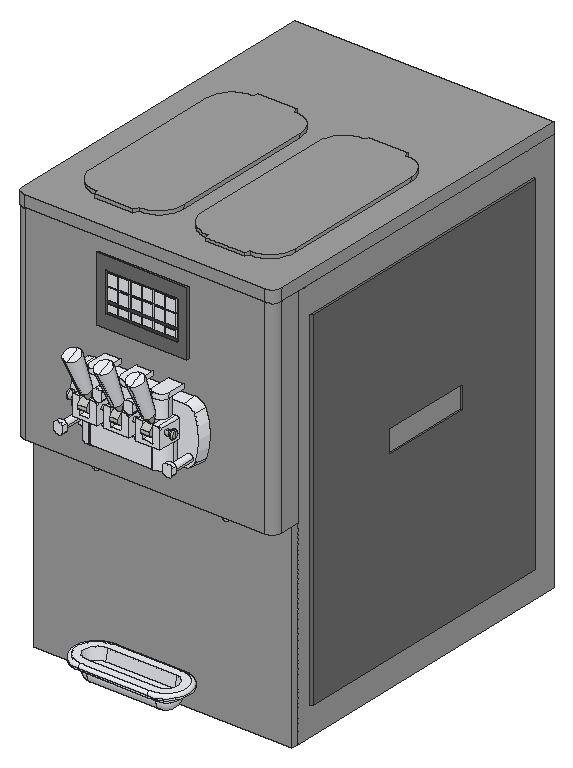
Revit family "QF_ELECTROLUXPROFESSIONAL_560074_POR214DGA3PHCM", category Specialty Equipment, Revit 2018
Family settings
  Round Connector Dimension = Use Diameter
  Part Type = Normal
  Work Plane-Based = No
  Always vertical = Yes
  Cut with Voids When Loaded = No
  Shared = No
  Room Calculation Point = No
Parameters
  Watts = 0 W
  HP = ""
  Direct Waste Size = 0 mm
Reference planes
  plane 1 "Center (Front/Back)": y = 0
  plane 2: z = 0
  plane 3 "Center (Left/Right)": x = 0
  plane 4 "BASE": z = 39
  plane 5 "TOP": z = 938
  plane 6 "FRONT": y = -417
  plane 7 "BACK": y = 483
  plane 8 "LEFT": x = -286
  plane 9 "RIGHT": x = 286
  plane 10 "PLANE": z = 125
  plane 11: z = 538
  plane 12: y = 324
  plane 13: y = -110
  plane 14: x = -173
  plane 15: x = 173
  plane 16: y = 462
  plane 17: y = 442
  plane 18 "Panel": y = -227
  plane 19 "CenterX": y = -330.377
  plane 20 "CenterYRight": x = 68
  plane 21 "DispenserX": z = 639.903
  plane 22 "HoleY": y = -352.094
  plane 23: y = -376
  plane 24: z = 744
  plane 25 "CenterYLeft": x = -68
Forms (mm)
  Extrusion 1, solid, material "QF_Finishes_Rubber Black"
    sketch origin (-26, 37, 0) x (1, 0, 0) y (0, 1, 0)
      loop
        circle (-147, 287) r 20
    from 30 to 0
  Extrusion 2, solid, material "QF_Finishes_Rubber Black"
    sketch origin (-26, 0, 0) x (1, 0, 0) y (0, 1, 0)
      loop
        circle (-147, -111) r 20
    from 30 to 0
  Extrusion 3, solid, material "QF_Finishes_Rubber Black"
    sketch origin (30.903, 37, 0) x (1, 0, 0) y (0, 1, 0)
      loop
        circle (142.097, 287) r 20
    from 30 to 0
  Extrusion 4, solid, material "QF_Finishes_Rubber Black"
    sketch origin (30.903, 0, 0) x (1, 0, 0) y (0, 1, 0)
      loop
        circle (142.097, -111) r 20
    from 30 to 0
  Extrusion 5, solid, material "QF_Finishes_Rubber Black"
    sketch origin (53.5, 0, 0) x (1, 0, 0) y (0, 1, 0)
      loop
        line (225.5, 410) -> (225.5, -198.201) -> (232.5, -191.201) -> (232.5, 403) -> (225.5, 410)
    from 94.387 to 848
  Extrusion 6, solid, material "QF_Finishes_Gray"
    sketch origin (0, 0, 0) x (1, 0, 0) y (0, 1, 0)
      loop
        line (-277.5, 462) -> (-277.5, -227) -> (279, -227) -> (279, 462) -> (-277.5, 462)
    from 906 to 30
  Extrusion 7, solid, material "QF_Finishes_Gray"
    sketch origin (120, 0, 0) x (1, 0, 0) y (0, 1, 0)
      loop
        line (-100, 152.026) -> (-100, -159.18)
        arc (-100, -159.18) -> (-83.917, -198.045) -> (-45.075, -214.18) r 55
        line (-45.075, -214.18) -> (-41.655, -223.577) -> (41.655, -223.577) -> (45.075, -214.18)
        arc (45.075, -214.18) -> (83.917, -198.045) -> (100, -159.18) r 55
        line (100, -159.18) -> (100, 152.026)
        arc (100, 152.026) -> (83.917, 190.89) -> (45.075, 207.026) r 55
        line (45.075, 207.026) -> (41.655, 216.423) -> (-41.655, 216.423) -> (-45.075, 207.026)
        arc (-45.075, 207.026) -> (-83.917, 190.89) -> (-100, 152.026) r 55
    from 938 to 931
  Extrusion 8, solid, material "QF_Finishes_Gray"
    sketch origin (0, 0, 0) x (1, 0, 0) y (0, 1, 0)
      loop
        line (-279, 462) -> (-279, -270.442)
        arc (-279, -270.442) -> (-273.142, -284.584) -> (-259, -290.442) r 20
        line (-259, -290.442) -> (259, -290.442)
        arc (259, -290.442) -> (273.142, -284.584) -> (279, -270.442) r 20
        line (279, -270.442) -> (279, 462) -> (-279, 462)
    from 931 to 906
  Extrusion 9, solid, material "QF_Finishes_Gray"
    sketch origin (0, 0, 0) x (1, 0, 0) y (0, 1, 0)
      loop
        arc (-277.5, -270.442) -> (-271.642, -284.584) -> (-257.5, -290.442) r 20
        line (-257.5, -290.442) -> (259, -290.442)
        arc (259, -290.442) -> (273.142, -284.584) -> (279, -270.442) r 20
        line (279, -270.442) -> (279, -227) -> (-277.5, -227) -> (-277.5, -270.442)
    from 458.874 to 906
  Extrusion 10, solid, material "QF_Finishes_Gray"
    sketch origin (0, 0, 0) x (1, 0, 0) y (0, 1, 0)
      loop
        line (-277.5, -227) -> (-277.5, -242) -> (279, -242) -> (279, -227) -> (-277.5, -227)
    from 30 to 458.874
  Extrusion 11, solid, material "QF_Finishes_Rubber Black"
    sketch origin (0, -417, 137) x (-1, 0, 0) y (0, 0, 1)
      loop
        line (-95, 742) -> (-95, 602) -> (100, 602) -> (100, 742) -> (-95, 742)
      loop
        line (80, 715) -> (-75, 715) -> (-75, 629) -> (80, 629) -> (80, 715)
    from 131.011 to 121
  Extrusion 12, solid, material "QF_Plastic-Black-Matte"
    sketch origin (0, -417, 137) x (-1, 0, 0) y (0, 0, 1)
      loop
        line (80, 715) -> (-75, 715) -> (-75, 629) -> (80, 629) -> (80, 715)
    from 131.011 to 123
  Blend 13, solid, material "QF_Finishes_White"
    base sketch origin (0, -417, 136.997) x (-1, 0, 0) y (0, 0, 1)
      loop
        arc (-108.068, 534.877) -> (-121.761, 530.793) -> (-130.981, 519.877) r 25
        arc (-130.981, 519.877) -> (-141.26, 470.627) -> (-130.981, 421.378) r 123.124
        arc (-130.981, 421.378) -> (-121.761, 410.462) -> (-108.068, 406.378) r 25
        line (-108.068, 406.378) -> (108.068, 406.378)
        arc (108.068, 406.378) -> (121.761, 410.462) -> (130.981, 421.378) r 25
        arc (130.981, 421.378) -> (141.26, 470.627) -> (130.981, 519.877) r 123.124
        arc (130.981, 519.877) -> (121.761, 530.793) -> (108.068, 534.877) r 25
        line (108.068, 534.877) -> (-108.068, 534.877)
    top sketch origin (0, -417, 136.997) x (-1, 0, 0) y (0, 0, 1)
      loop
        arc (-128.231, 518.677) -> (-138.26, 470.627) -> (-128.231, 422.578) r 120.124
        arc (-128.231, 422.578) -> (-120.118, 412.972) -> (-108.068, 409.378) r 22
        line (-108.068, 409.378) -> (108.068, 409.378)
        arc (108.068, 409.378) -> (120.118, 412.972) -> (128.231, 422.578) r 22
        arc (128.231, 422.578) -> (138.26, 470.627) -> (128.231, 518.677) r 120.124
        arc (128.231, 518.677) -> (120.118, 528.283) -> (108.068, 531.877) r 22
        line (108.068, 531.877) -> (-108.068, 531.877)
        arc (-108.068, 531.877) -> (-120.118, 528.283) -> (-128.231, 518.677) r 22
    from 126.558 to 100
  Sweep 14, solid, material "QF_Finishes_White"
    path origin (-49.912, 1.098, 0) x (1, 0, 0) y (0, 1, 0)
      loop
        arc (124.288, -377.098) -> (174.152, -327.234) -> (124.288, -277.37) r 49.864
        line (124.288, -277.37) -> (-24.465, -277.37)
        arc (-24.465, -277.37) -> (-74.329, -327.234) -> (-24.465, -377.098) r 49.864
        line (-24.465, -377.098) -> (124.288, -377.098)
    profile origin (0, -376, 0) x (0, -1, 0) y (0, 0, 1)
      loop
        arc (-44.804, 75.948) -> (-28.996, 82.496) -> (-22.447, 98.305) r 22.357
        line (-22.447, 98.305) -> (-20.953, 115.387) -> (0, 115.387) -> (0, 118.387)
        arc (0, 118.387) -> (-1.937, 123.063) -> (-6.613, 125) r 6.613
        line (-6.613, 125) -> (-23.219, 125) -> (-25.397, 100.095) -> (-44.804, 100.095) -> (-44.804, 75.948)
  Revolve 15, solid, material "QF_Finishes_White"
    sketch origin (19.411, -330.377, 136.997) x (-1, 0, 0) y (0, 0, 1)
      loop
        line (-22, 458.985) -> (-45.961, 458.985) -> (-45.961, 502.906) -> (-32, 502.906) -> (-32, 540.7) -> (-48.589, 540.7) -> (-48.589, 399)
        arc (-48.589, 399) -> (-35.782, 401.599) -> (-25, 408.985) r 32.856
        line (-25, 408.985) -> (-22, 408.985) -> (-22, 458.985)
      axis (-48.589, 399) -> (-48.589, 540.7)
    angle from 0 to 360
  Extrusion 16, solid, material "QF_Finishes_White"
    sketch origin (19.411, -417, 136.997) x (-1, 0, 0) y (0, 0, 1)
      loop
        line (-75.178, 458.985) -> (-22, 458.985) -> (-22, 497.906)
        arc (-22, 497.906) -> (-23.465, 501.442) -> (-27, 502.906) r 5
        line (-27, 502.906) -> (-37.291, 502.906) -> (-37.291, 466.693) -> (-59.888, 466.693) -> (-59.888, 502.906) -> (-70.178, 502.906)
        arc (-70.178, 502.906) -> (-73.714, 501.442) -> (-75.178, 497.906) r 5
        line (-75.178, 497.906) -> (-75.178, 458.985)
      loop
        line (-7.178, 458.985) -> (46, 458.985) -> (46, 497.906)
        arc (46, 497.906) -> (44.535, 501.442) -> (41, 502.906) r 5
        line (41, 502.906) -> (30.709, 502.906) -> (30.709, 466.693) -> (8.112, 466.693) -> (8.112, 502.906) -> (-2.178, 502.906)
        arc (-2.178, 502.906) -> (-5.714, 501.442) -> (-7.178, 497.906) r 5
        line (-7.178, 497.906) -> (-7.178, 458.985)
      loop
        line (60.822, 458.985) -> (114, 458.985) -> (114, 497.906)
        arc (114, 497.906) -> (112.535, 501.442) -> (109, 502.906) r 5
        line (109, 502.906) -> (98.709, 502.906) -> (98.709, 466.693) -> (76.112, 466.693) -> (76.112, 502.906) -> (65.822, 502.906)
        arc (65.822, 502.906) -> (62.286, 501.442) -> (60.822, 497.906) r 5
        line (60.822, 497.906) -> (60.822, 458.985)
    from 50 to 100
  Extrusion 17, solid, material "QF_Finishes_Stainless Steel"
    sketch origin (68, 0, 136.997) x (0, -1, 0) y (0, 0, 1)
      loop
        line (373.914, 482.086) -> (373.914, 490.013)
        arc (373.914, 490.013) -> (366.814, 497.612) -> (357.048, 501.185) r 22.391
        line (357.048, 501.185) -> (325.071, 496.12)
        arc (325.071, 496.12) -> (320.535, 488.808) -> (325.071, 481.495) r 8.163
        line (325.071, 481.495) -> (357.048, 476.43) -> (361.14, 476.43)
        arc (361.14, 476.43) -> (368.005, 478.177) -> (373.914, 482.086) r 21.226
    from -9 to 9
  Revolve 18, solid, material "QF_Finishes_Stainless Steel"
    sketch origin (68, -62.317, 96.738) x (0, -0.992546, 0.121869) y (0, 0.121869, 0.992546)
      loop
        line (359.559, 501.454) -> (369.701, 518.772) -> (359.942, 525.028) -> (355.825, 503.848) -> (359.559, 501.454)
      axis (359.559, 501.454) -> (369.937, 519.174)
    angle from 0 to 360
  Revolve 19, solid, material "QF_Finishes_White"
    sketch origin (68, -61.765, 96.738) x (0, -0.992546, 0.121869) y (0, 0.121869, 0.992546)
      loop
        line (360.214, 525.122) -> (370.502, 518.527) -> (414.51, 593.671) -> (399.928, 603.018) -> (360.214, 525.122)
      axis (370.502, 518.527) -> (414.862, 594.271)
    angle from 0 to 360
  Extrusion 20, solid, material "QF_Finishes_White"
    sketch origin (3, -417, 115.997) x (-1, 0, 0) y (0, 0, 1)
      loop
        circle (-114.635, 451.539) r 7.506
    from 50 to 100
  Extrusion 21, solid, material "QF_Finishes_White"
    sketch origin (3, -417, 116.997) x (-1, 0, 0) y (0, 0, 1)
      loop
        arc (-104.635, 459.044) -> (-114.635, 464.044) -> (-124.635, 459.044) r 12.5
        line (-124.635, 459.044) -> (-124.635, 444.044)
        arc (-124.635, 444.044) -> (-114.635, 439.044) -> (-104.635, 444.044) r 12.5
        line (-104.635, 444.044) -> (-104.635, 459.044)
    from 41 to 50
  Extrusion 22, solid, material "QF_Finishes_White"
    sketch origin (81.157, -417, 210.997) x (1, 0, 0) y (0, 0, -1)
      loop
        circle (-114.635, -451.539) r 7.506
    from 50 to 100
  Extrusion 23, solid, material "QF_Finishes_White"
    sketch origin (81.157, -417, 209.702) x (1, 0, 0) y (0, 0, -1)
      loop
        line (-104.635, -459.044) -> (-104.635, -444.044)
        arc (-104.635, -444.044) -> (-114.635, -439.044) -> (-124.635, -444.044) r 12.5
        line (-124.635, -444.044) -> (-124.635, -459.044)
        arc (-124.635, -459.044) -> (-114.635, -464.044) -> (-104.635, -459.044) r 12.5
    from 41 to 50
  Extrusion 24, solid, material "QF_Finishes_White"
    sketch origin (19.411, 0.327, 639.903) x (-1, 0, 0) y (0, -1, 0)
      loop
        arc (-32, 330.71) -> (-48.589, 347.299) -> (-65.178, 330.71) r 16.589
        line (-65.178, 330.71) -> (-65.178, 290.768) -> (-32, 290.768) -> (-32, 330.71)
    from 37.793 to 47.43
  Extrusion 25, solid, material "QF_Finishes_White"
    sketch origin (0, 1.098, 125) x (0, 1, 0) y (-1, 0, 0)
      loop
        line (-332.294, 74.376) -> (-332.294, -74.376)
        arc (-332.294, -74.376) -> (-327.234, -79.436) -> (-322.174, -74.376) r 5.06
        line (-322.174, -74.376) -> (-322.174, 74.376)
        arc (-322.174, 74.376) -> (-327.234, 79.436) -> (-332.294, 74.376) r 5.06
    from -48.53 to -24.905
  Extrusion 26, solid, material "QF_Finishes_Stainless Steel"
    sketch origin (0, 0, 0) x (0, 1, 0) y (0, 0, 1)
      loop
        line (-277.271, 115.387) -> (-280.273, 115.387) -> (-280.273, 94.387) -> (-245, 94.387) -> (-245, 62.387) -> (-242, 62.387) -> (-242, 97.387) -> (-277.271, 97.387) -> (-277.271, 115.387)
    from -56 to 56
  Extrusion 27, void
    sketch origin (68, 7, 136.997) x (0, -1, 0) y (0, 0, 1)
      loop
        circle (359.094, 488.808) r 5
    from -31.589 to 167.589
  Revolve 28, solid, material "QF_Finishes_Stainless Steel"
    sketch origin (0, -352.094, 136.997) x (0, 0, 1) y (1, 0, 0)
      loop
        line (488.808, 114.444) -> (488.808, -114.444) -> (495.124, -114.444) -> (497.46, -112.107) -> (497.46, -109.278) -> (493.808, -104.062) -> (493.808, 104.062) -> (497.46, 109.278) -> (497.46, 112.107) -> (495.124, 114.444) -> (488.808, 114.444)
      axis (488.808, -114.444) -> (488.808, 114.444)
    angle from 0 to 360
  Extrusion 29, solid, material "QF_Finishes_Stainless Steel"
    sketch origin (0, -227, 80.681) x (1, 0, 0) y (0, 0, 1)
      loop
        circle (-142.42, 350.164) r 10
      loop
        circle (137.549, 350.164) r 10
    from 15 to 17.498
  Extrusion 30, solid, material "QF_Finishes_Stainless Steel"
    sketch origin (-311.5, 0, 39) x (-1, 0, 0) y (0, -1, 0)
      loop
        circle (-170.5, -192) r 20
    from 0 to -11.079
  Extrusion 31, solid, material "QF_Finishes_White"
    sketch origin (0, -417, 137) x (-1, 0, 0) y (0, 0, 1)
      loop
        line (-72, 686) -> (-50, 686) -> (-50, 711) -> (-72, 711) -> (-72, 686)
      loop
        line (-48, 686) -> (-26, 686) -> (-26, 711) -> (-48, 711) -> (-48, 686)
      loop
        line (-21.5, 686) -> (0.5, 686) -> (0.5, 711) -> (-21.5, 711) -> (-21.5, 686)
      loop
        line (2.5, 686) -> (24.5, 686) -> (24.5, 711) -> (2.5, 711) -> (2.5, 686)
      loop
        line (29, 686) -> (51, 686) -> (51, 711) -> (29, 711) -> (29, 686)
      loop
        line (53, 686) -> (75, 686) -> (75, 711) -> (53, 711) -> (53, 686)
      loop
        line (-72, 658) -> (-50, 658) -> (-50, 683) -> (-72, 683) -> (-72, 658)
      loop
        line (-48, 658) -> (-26, 658) -> (-26, 683) -> (-48, 683) -> (-48, 658)
      loop
        line (-21.5, 658) -> (0.5, 658) -> (0.5, 683) -> (-21.5, 683) -> (-21.5, 658)
      loop
        line (2.5, 658) -> (24.5, 658) -> (24.5, 683) -> (2.5, 683) -> (2.5, 658)
      loop
        line (29, 658) -> (51, 658) -> (51, 683) -> (29, 683) -> (29, 658)
      loop
        line (53, 658) -> (75, 658) -> (75, 683) -> (53, 683) -> (53, 658)
      loop
        line (-72, 636) -> (-50, 636) -> (-50, 651) -> (-72, 651) -> (-72, 636)
      loop
        line (-48, 636) -> (-26, 636) -> (-26, 651) -> (-48, 651) -> (-48, 636)
      loop
        line (-21.5, 636) -> (0.5, 636) -> (0.5, 651) -> (-21.5, 651) -> (-21.5, 636)
      loop
        line (2.5, 636) -> (24.5, 636) -> (24.5, 651) -> (2.5, 651) -> (2.5, 636)
      loop
        line (29, 636) -> (51, 636) -> (51, 651) -> (29, 651) -> (29, 636)
      loop
        line (53, 636) -> (75, 636) -> (75, 651) -> (53, 651) -> (53, 636)
    from 123 to 121
  Extrusion 32, solid, material "QF_Finishes_Stainless Steel"
    sketch origin (-68, 0, 0) x (0, -1, 0) y (0, 0, 1)
      loop
        line (373.914, 619.083) -> (373.914, 627.01)
        arc (373.914, 627.01) -> (366.814, 634.609) -> (357.048, 638.181) r 22.391
        line (357.048, 638.181) -> (325.071, 633.117)
        arc (325.071, 633.117) -> (320.535, 625.804) -> (325.071, 618.492) r 8.163
        line (325.071, 618.492) -> (357.048, 613.427) -> (361.14, 613.427)
        arc (361.14, 613.427) -> (368.005, 615.174) -> (373.914, 619.083) r 21.226
    from -9 to 9
  Extrusion 33, solid, material "QF_Finishes_Stainless Steel"
    sketch origin (0, 0, 0) x (0, 1, 0) y (0, 0, 1)
      loop
        arc (-373.914, 619.083) -> (-368.005, 615.174) -> (-361.14, 613.427) r 21.226
        line (-361.14, 613.427) -> (-357.048, 613.427) -> (-325.071, 618.492)
        arc (-325.071, 618.492) -> (-320.535, 625.804) -> (-325.071, 633.117) r 8.163
        line (-325.071, 633.117) -> (-357.048, 638.181)
        arc (-357.048, 638.181) -> (-366.814, 634.609) -> (-373.914, 627.01) r 22.391
        line (-373.914, 627.01) -> (-373.914, 619.083)
    from -9 to 9
  Extrusion 34, solid, material "QF_Finishes_White"
    sketch origin (-3, -417, 115.997) x (1, 0, 0) y (0, 0, -1)
      loop
        circle (-114.635, -451.539) r 7.506
    from 50 to 100
  Extrusion 35, solid, material "QF_Finishes_White"
    sketch origin (-3, -417, 116.997) x (1, 0, 0) y (0, 0, -1)
      loop
        line (-104.635, -459.044) -> (-104.635, -444.044)
        arc (-104.635, -444.044) -> (-114.635, -439.044) -> (-124.635, -444.044) r 12.5
        line (-124.635, -444.044) -> (-124.635, -459.044)
        arc (-124.635, -459.044) -> (-114.635, -464.044) -> (-104.635, -459.044) r 12.5
    from 41 to 50
  Extrusion 36, solid, material "QF_Finishes_White"
    sketch origin (-81.157, -417, 210.997) x (-1, 0, 0) y (0, 0, 1)
      loop
        circle (-114.635, 451.539) r 7.506
    from 50 to 100
  Extrusion 37, solid, material "QF_Finishes_White"
    sketch origin (-81.157, -417, 209.702) x (-1, 0, 0) y (0, 0, 1)
      loop
        arc (-104.635, 459.044) -> (-114.635, 464.044) -> (-124.635, 459.044) r 12.5
        line (-124.635, 459.044) -> (-124.635, 444.044)
        arc (-124.635, 444.044) -> (-114.635, 439.044) -> (-104.635, 444.044) r 12.5
        line (-104.635, 444.044) -> (-104.635, 459.044)
    from 41 to 50
  Revolve 38, solid, material "QF_Finishes_White"
    sketch origin (-48.589, -330.377, 136.997) x (-1, 0, 0) y (0, 0, 1)
      loop
        line (-22, 458.985) -> (-45.961, 458.985) -> (-45.961, 502.906) -> (-32, 502.906) -> (-32, 540.7) -> (-48.589, 540.7) -> (-48.589, 399)
        arc (-48.589, 399) -> (-35.782, 401.599) -> (-25, 408.985) r 32.856
        line (-25, 408.985) -> (-22, 408.985) -> (-22, 458.985)
      axis (-48.589, 399) -> (-48.589, 540.7)
    angle from 0 to 360
  Revolve 39, solid, material "QF_Finishes_White"
    sketch origin (-116.589, -330.377, 136.997) x (-1, 0, 0) y (0, 0, 1)
      loop
        line (-22, 458.985) -> (-45.961, 458.985) -> (-45.961, 502.906) -> (-32, 502.906) -> (-32, 540.7) -> (-48.589, 540.7) -> (-48.589, 399)
        arc (-48.589, 399) -> (-35.782, 401.599) -> (-25, 408.985) r 32.856
        line (-25, 408.985) -> (-22, 408.985) -> (-22, 458.985)
      axis (-48.589, 399) -> (-48.589, 540.7)
    angle from 0 to 360
  Extrusion 40, solid, material "QF_Finishes_White"
    sketch origin (-48.589, 0.327, 639.903) x (-1, 0, 0) y (0, -1, 0)
      loop
        arc (-32, 330.71) -> (-48.589, 347.299) -> (-65.178, 330.71) r 16.589
        line (-65.178, 330.71) -> (-65.178, 290.768) -> (-32, 290.768) -> (-32, 330.71)
    from 37.793 to 47.43
  Extrusion 41, solid, material "QF_Finishes_White"
    sketch origin (-116.589, 0.327, 639.903) x (-1, 0, 0) y (0, -1, 0)
      loop
        arc (-32, 330.71) -> (-48.589, 347.299) -> (-65.178, 330.71) r 16.589
        line (-65.178, 330.71) -> (-65.178, 290.768) -> (-32, 290.768) -> (-32, 330.71)
    from 37.793 to 47.43
  Extrusion 42, solid, material "QF_Finishes_Rubber Black"
    sketch origin (-53.5, 0, 0) x (-1, 0, 0) y (0, -1, 0)
      loop
        line (225.5, -410) -> (232.5, -403) -> (232.5, 191.201) -> (225.5, 198.201) -> (225.5, -410)
    from 94.387 to 848
  Extrusion 43, solid, material "QF_Finishes_Gray"
    sketch origin (-120, 0, 0) x (-1, 0, 0) y (0, -1, 0)
      loop
        arc (-100, -152.026) -> (-83.917, -190.89) -> (-45.075, -207.026) r 55
        line (-45.075, -207.026) -> (-41.655, -216.423) -> (41.655, -216.423) -> (45.075, -207.026)
        arc (45.075, -207.026) -> (83.917, -190.89) -> (100, -152.026) r 55
        line (100, -152.026) -> (100, 159.18)
        arc (100, 159.18) -> (83.917, 198.045) -> (45.075, 214.18) r 55
        line (45.075, 214.18) -> (41.655, 223.577) -> (-41.655, 223.577) -> (-45.075, 214.18)
        arc (-45.075, 214.18) -> (-83.917, 198.045) -> (-100, 159.18) r 55
        line (-100, 159.18) -> (-100, -152.026)
    from 938 to 931
  Extrusion 44, solid, material "QF_Finishes_Rubber Black"
    sketch origin (0, 483, 0) x (-1, 0, 0) y (0, 0, 1)
      loop
        circle (0, 276.604) r 190
      loop
        circle (0, 276.604) r 40
      loop
        circle (0, 276.604) r 20
      loop
        circle (0, 276.604) r 15
    from -21 to 0
  Extrusion 45, void
    sketch origin (286, 0, 0) x (0, -1, 0) y (0, 0, 1)
      loop
        line (-10, 538) -> (-210, 538) -> (-210, 488) -> (-10, 488) -> (-10, 538)
    from 7 to -7.72
  Extrusion 46, solid, material "QF_Finishes_White"
    sketch origin (0, -330.377, 0) x (-1, 0, 0) y (0, 0, 1)
      loop
        line (68, 595.982) -> (41.411, 595.982)
        arc (41.411, 595.982) -> (34, 592.136) -> (26.589, 595.982) r 9.063
        line (26.589, 595.982) -> (-26.589, 595.982)
        arc (-26.589, 595.982) -> (-34, 592.136) -> (-41.411, 595.982) r 9.063
        line (-41.411, 595.982) -> (-68, 595.982) -> (-68, 545.982) -> (68, 545.982) -> (68, 595.982)
    from -26.5 to 0
  Revolve 47, solid, material "QF_Finishes_Stainless Steel"
    sketch origin (0, -62.317, 96.738) x (0, -0.992546, 0.121869) y (0, 0.121869, 0.992546)
      loop
        line (359.559, 501.454) -> (369.701, 518.772) -> (359.942, 525.028) -> (355.825, 503.848) -> (359.559, 501.454)
      axis (359.559, 501.454) -> (369.937, 519.174)
    angle from 0 to 360
  Revolve 48, solid, material "QF_Finishes_White"
    sketch origin (0, -61.765, 96.738) x (0, -0.992546, 0.121869) y (0, 0.121869, 0.992546)
      loop
        line (360.214, 525.122) -> (370.502, 518.527) -> (414.51, 593.671) -> (399.928, 603.018) -> (360.214, 525.122)
      axis (370.502, 518.527) -> (414.862, 594.271)
    angle from 0 to 360
  Revolve 49, solid, material "QF_Finishes_Stainless Steel"
    sketch origin (-68, -62.317, 96.738) x (0, -0.992546, 0.121869) y (0, 0.121869, 0.992546)
      loop
        line (359.559, 501.454) -> (369.701, 518.772) -> (359.942, 525.028) -> (355.825, 503.848) -> (359.559, 501.454)
      axis (359.559, 501.454) -> (369.937, 519.174)
    angle from 0 to 360
  Revolve 50, solid, material "QF_Finishes_White"
    sketch origin (-68, -61.765, 96.738) x (0, -0.992546, 0.121869) y (0, 0.121869, 0.992546)
      loop
        line (360.214, 525.122) -> (370.502, 518.527) -> (414.51, 593.671) -> (399.928, 603.018) -> (360.214, 525.122)
      axis (370.502, 518.527) -> (414.862, 594.271)
    angle from 0 to 360
Cuts and joins
  Extrusion 27 cuts Extrusion 16
  Extrusion 27 cuts Extrusion 17
  Extrusion 27 cuts Extrusion 22
  joined: Sweep 14, Extrusion 25
  Extrusion 45 cuts Extrusion 5
  Extrusion 45 cuts Extrusion 6
Lines and regions (mm)
  symbolic lines
    curve 1: line (190, 483, 39) -> (-190, 483, 39)
    curve 2: line (279, 462, 39) -> (-279, 462, 39)
    curve 3: line (-279, 462, 39) -> (-279, -270.442, 39)
    curve 4: line (-279, 410, 39) -> (-286, 403, 39)
    curve 5: line (-286, 403, 39) -> (-286, -191.201, 39)
    curve 6: line (279, -270.442, 39) -> (279, 462, 39)
    curve 7: line (286, 403, 39) -> (279, 410, 39)
    curve 8: line (286, -191.201, 39) -> (286, 403, 39)
    curve 9: line (279, -198.201, 39) -> (286, -191.201, 39)
    curve 10: line (-286, -191.201, 39) -> (-279, -198.201, 39)
    curve 11: arc (-279, -270.442, 39) -> (-273.142, -284.584, 39) -> (-259, -290.442, 39) r 20
    curve 12: line (-259, -290.442, 39) -> (259, -290.442, 39)
    curve 13: arc (259, -290.442, 39) -> (273.142, -284.584, 39) -> (279, -270.442, 39) r 20
    curve 14: arc (-220, -159.18, 39) -> (-203.917, -198.045, 39) -> (-165.075, -214.18, 39) r 55
    curve 15: line (-165.075, -214.18, 39) -> (-161.655, -223.577, 39)
    curve 16: line (-161.655, -223.577, 39) -> (-78.345, -223.577, 39)
    curve 17: line (-78.345, -223.577, 39) -> (-74.925, -214.18, 39)
    curve 18: arc (-74.925, -214.18, 39) -> (-36.083, -198.045, 39) -> (-20, -159.18, 39) r 55
    curve 19: line (-20, -159.18, 39) -> (-20, 152.026, 39)
    curve 20: line (-220, 152.026, 39) -> (-220, -159.18, 39)
    curve 21: arc (20, -159.18, 39) -> (36.083, -198.045, 39) -> (74.925, -214.18, 39) r 55
    curve 22: line (20, 152.026, 39) -> (20, -159.18, 39)
    curve 23: line (74.925, -214.18, 39) -> (78.345, -223.577, 39)
    curve 24: line (78.345, -223.577, 39) -> (161.655, -223.577, 39)
    curve 25: line (161.655, -223.577, 39) -> (165.075, -214.18, 39)
    curve 26: arc (165.075, -214.18, 39) -> (203.917, -198.045, 39) -> (220, -159.18, 39) r 55
    curve 27: line (220, -159.18, 39) -> (220, 152.026, 39)
    curve 28: arc (-165, 207.026, 39) -> (-203.891, 190.917, 39) -> (-220, 152.026, 39) r 55
    curve 29: line (-78.345, 216.423, 39) -> (-161.655, 216.423, 39)
    curve 30: line (-74.925, 207.026, 39) -> (-78.345, 216.423, 39)
    curve 31: arc (-20, 152.026, 39) -> (-36.083, 190.89, 39) -> (-74.925, 207.026, 39) r 55
    curve 32: arc (74.925, 207.026, 39) -> (36.083, 190.89, 39) -> (20, 152.026, 39) r 55
    curve 33: line (161.655, 216.423, 39) -> (78.345, 216.423, 39)
    curve 34: line (78.345, 216.423, 39) -> (74.925, 207.026, 39)
    curve 35: line (165.075, 207.026, 39) -> (161.655, 216.423, 39)
    curve 36: arc (220, 152.026, 39) -> (203.917, 190.89, 39) -> (165.075, 207.026, 39) r 55
    curve 37: line (-100, -296, 39) -> (95, -296, 39)
    curve 38: arc (51.411, -330.384, 39) -> (68, -346.973, 39) -> (84.589, -330.384, 39) r 16.589
    curve 39: spline (68, -385.223, 39) -> (72.479, -385.764, 39) -> (76.653, -387.351, 39) -> (80.238, -389.876, 39) -> (82.988, -393.167, 39) -> (84.717, -396.999, 39) -> (85.307, -401.111, 39) -> (84.717, -405.224, 39) -> (82.988, -409.056, 39) -> (80.238, -412.346, 39) -> (76.653, -414.871, 39) -> (72.479, -416.459, 39) -> (68, -417, 39)
    curve 40: spline (68, -417, 39) -> (63.521, -416.459, 39) -> (59.347, -414.871, 39) -> (55.762, -412.346, 39) -> (53.012, -409.056, 39) -> (51.283, -405.224, 39) -> (50.693, -401.111, 39) -> (51.283, -396.999, 39) -> (53.012, -393.167, 39) -> (55.762, -389.876, 39) -> (59.347, -387.351, 39) -> (63.521, -385.764, 39) -> (68, -385.223, 39)
    curve 41: spline (79.943, -364.177, 39) -> (79.066, -361.77, 39) -> (77.622, -359.606, 39) -> (75.684, -357.796, 39) -> (73.353, -356.433, 39) -> (70.747, -355.585, 39) -> (68, -355.298, 39) -> (65.253, -355.585, 39) -> (62.647, -356.433, 39) -> (60.316, -357.796, 39) -> (58.378, -359.606, 39) -> (56.934, -361.77, 39) -> (56.057, -364.177, 39)
    curve 42: spline (70.861, -355.047, 39) -> (70.446, -354.762, 39) -> (69.999, -354.523, 39) -> (69.523, -354.334, 39) -> (69.027, -354.196, 39) -> (68.517, -354.113, 39) -> (68, -354.086, 39) -> (67.483, -354.113, 39) -> (66.973, -354.196, 39) -> (66.477, -354.334, 39) -> (66.001, -354.523, 39) -> (65.554, -354.762, 39) -> (65.139, -355.047, 39)
    curve 43: arc (97.074, -317, 39) -> (98.701, -328.772, 39) -> (94.589, -339.923, 39) r 24.467
    curve 44: arc (94.589, -343.498, 39) -> (100.592, -330.903, 39) -> (99.407, -317, 39) r 26.646
    curve 45: line (127.635, -367, 39) -> (107.635, -367, 39)
    curve 46: line (127.635, -376, 39) -> (127.635, -367, 39)
    curve 47: line (107.635, -367, 39) -> (107.635, -376, 39)
    curve 48: line (107.635, -376, 39) -> (127.635, -376, 39)
    curve 49: line (56.057, -364.177, 39) -> (50.877, -398.792, 39)
    curve 50: line (79.943, -364.177, 39) -> (85.123, -398.792, 39)
    curve 51: line (56.701, -342.53, 39) -> (56.701, -362.258, 39)
    curve 52: line (59, -344.319, 39) -> (59, -358.932, 39)
    curve 53: line (79.299, -342.53, 39) -> (79.299, -362.258, 39)
    curve 54: line (77, -344.319, 39) -> (77, -358.932, 39)
    curve 55: line (125.141, -367, 39) -> (125.141, -317, 39)
    curve 56: line (94.589, -347.094, 39) -> (104.062, -347.094, 39)
    curve 57: line (94.589, -357.094, 39) -> (104.062, -357.094, 39)
    curve 58: line (104.062, -357.094, 39) -> (109.267, -360.739, 39)
    curve 59: line (109.267, -360.739, 39) -> (112.102, -360.739, 39)
    curve 60: line (112.102, -360.739, 39) -> (114.444, -358.397, 39)
    curve 61: line (114.444, -358.397, 39) -> (114.444, -345.79, 39)
    curve 62: line (104.062, -347.094, 39) -> (109.267, -343.449, 39)
    curve 63: line (109.267, -343.449, 39) -> (112.102, -343.449, 39)
    curve 64: line (112.102, -343.449, 39) -> (114.444, -345.79, 39)
    curve 65: line (109.267, -343.449, 39) -> (109.267, -360.739, 39)
    curve 66: line (112.102, -343.449, 39) -> (112.102, -360.739, 39)
    curve 67: line (104.062, -347.094, 39) -> (104.062, -357.094, 39)
    curve 68: line (94.589, -367, 39) -> (94.589, -317, 39)
    curve 69: line (94.589, -367, 39) -> (80.366, -367, 39)
    curve 70: line (55.634, -367, 39) -> (12.366, -367, 39)
    curve 71: line (40.984, -367, 39) -> (40.984, -317, 39)
    curve 72: line (25.973, -367, 39) -> (25.973, -317, 39)
    curve 73: line (43.479, -376, 39) -> (43.479, -367, 39)
    curve 74: line (23.479, -376, 39) -> (23.479, -367, 39)
    curve 75: line (138.26, -317, 39) -> (84.589, -317, 39)
    curve 76: line (51.411, -317, 39) -> (16.589, -317, 39)
    curve 77: line (-16.589, -317, 39) -> (-51.411, -317, 39)
    curve 78: line (-84.589, -317, 39) -> (-138.26, -317, 39)
    curve 79: line (-138.26, -317, 39) -> (-141.267, -290.442, 39)
    curve 80: line (84.589, -330.384, 39) -> (84.589, -296, 39)
    curve 81: line (51.411, -330.384, 39) -> (51.411, -296, 39)
    curve 82: arc (-16.589, -330.384, 39) -> (0, -346.973, 39) -> (16.589, -330.384, 39) r 16.589
    curve 83: spline (0, -385.223, 39) -> (4.479, -385.764, 39) -> (8.653, -387.351, 39) -> (12.238, -389.876, 39) -> (14.988, -393.167, 39) -> (16.717, -396.999, 39) -> (17.307, -401.111, 39) -> (16.717, -405.224, 39) -> (14.988, -409.056, 39) -> (12.238, -412.346, 39) -> (8.653, -414.871, 39) -> (4.479, -416.459, 39) -> (0, -417, 39)
    curve 84: spline (0, -417, 39) -> (-4.479, -416.459, 39) -> (-8.653, -414.871, 39) -> (-12.238, -412.346, 39) -> (-14.988, -409.056, 39) -> (-16.717, -405.224, 39) -> (-17.307, -401.111, 39) -> (-16.717, -396.999, 39) -> (-14.988, -393.167, 39) -> (-12.238, -389.876, 39) -> (-8.653, -387.351, 39) -> (-4.479, -385.764, 39) -> (0, -385.223, 39)
    curve 85: spline (11.943, -364.177, 39) -> (11.066, -361.77, 39) -> (9.622, -359.606, 39) -> (7.684, -357.796, 39) -> (5.353, -356.433, 39) -> (2.747, -355.585, 39) -> (0, -355.298, 39) -> (-2.747, -355.585, 39) -> (-5.353, -356.433, 39) -> (-7.684, -357.796, 39) -> (-9.622, -359.606, 39) -> (-11.066, -361.77, 39) -> (-11.943, -364.177, 39)
    curve 86: spline (2.861, -355.047, 39) -> (2.446, -354.762, 39) -> (1.999, -354.523, 39) -> (1.523, -354.334, 39) -> (1.027, -354.196, 39) -> (0.517, -354.113, 39) -> (0, -354.086, 39) -> (-0.517, -354.113, 39) -> (-1.027, -354.196, 39) -> (-1.523, -354.334, 39) -> (-1.999, -354.523, 39) -> (-2.446, -354.762, 39) -> (-2.861, -355.047, 39)
    curve 87: line (-11.943, -364.177, 39) -> (-17.123, -398.792, 39)
    curve 88: line (11.943, -364.177, 39) -> (17.123, -398.792, 39)
    curve 89: line (-11.299, -342.53, 39) -> (-11.299, -362.258, 39)
    curve 90: line (-9, -344.319, 39) -> (-9, -358.932, 39)
    curve 91: line (11.299, -342.53, 39) -> (11.299, -362.258, 39)
    curve 92: line (9, -344.319, 39) -> (9, -358.932, 39)
    curve 93: line (16.589, -330.384, 39) -> (16.589, -296, 39)
    curve 94: line (-16.589, -330.384, 39) -> (-16.589, -296, 39)
    curve 95: arc (-84.589, -330.384, 39) -> (-68, -346.973, 39) -> (-51.411, -330.384, 39) r 16.589
    curve 96: spline (-68, -385.223, 39) -> (-63.521, -385.764, 39) -> (-59.347, -387.351, 39) -> (-55.762, -389.876, 39) -> (-53.012, -393.167, 39) -> (-51.283, -396.999, 39) -> (-50.693, -401.111, 39) -> (-51.283, -405.224, 39) -> (-53.012, -409.056, 39) -> (-55.762, -412.346, 39) -> (-59.347, -414.871, 39) -> (-63.521, -416.459, 39) -> (-68, -417, 39)
    curve 97: spline (-68, -417, 39) -> (-72.479, -416.459, 39) -> (-76.653, -414.871, 39) -> (-80.238, -412.346, 39) -> (-82.988, -409.056, 39) -> (-84.717, -405.224, 39) -> (-85.307, -401.111, 39) -> (-84.717, -396.999, 39) -> (-82.988, -393.167, 39) -> (-80.238, -389.876, 39) -> (-76.653, -387.351, 39) -> (-72.479, -385.764, 39) -> (-68, -385.223, 39)
    curve 98: spline (-56.057, -364.177, 39) -> (-56.934, -361.77, 39) -> (-58.378, -359.606, 39) -> (-60.316, -357.796, 39) -> (-62.647, -356.433, 39) -> (-65.253, -355.585, 39) -> (-68, -355.298, 39) -> (-70.747, -355.585, 39) -> (-73.353, -356.433, 39) -> (-75.684, -357.796, 39) -> (-77.622, -359.606, 39) -> (-79.066, -361.77, 39) -> (-79.943, -364.177, 39)
    curve 99: spline (-65.139, -355.047, 39) -> (-65.554, -354.762, 39) -> (-66.001, -354.523, 39) -> (-66.477, -354.334, 39) -> (-66.973, -354.196, 39) -> (-67.483, -354.113, 39) -> (-68, -354.086, 39) -> (-68.517, -354.113, 39) -> (-69.027, -354.196, 39) -> (-69.523, -354.334, 39) -> (-69.999, -354.523, 39) -> (-70.446, -354.762, 39) -> (-70.861, -355.047, 39)
    curve 100: line (-79.943, -364.177, 39) -> (-85.123, -398.792, 39)
    curve 101: line (-56.057, -364.177, 39) -> (-50.877, -398.792, 39)
    curve 102: line (-79.299, -342.53, 39) -> (-79.299, -362.258, 39)
    curve 103: line (-77, -344.319, 39) -> (-77, -358.932, 39)
    curve 104: line (-56.701, -342.53, 39) -> (-56.701, -362.258, 39)
    curve 105: line (-59, -344.319, 39) -> (-59, -358.932, 39)
    curve 106: line (-51.411, -330.384, 39) -> (-51.411, -296, 39)
    curve 107: line (-84.589, -330.384, 39) -> (-84.589, -296, 39)
    curve 108: line (-40.984, -367, 39) -> (-40.984, -317, 39)
    curve 109: line (-25.973, -367, 39) -> (-25.973, -317, 39)
    curve 110: line (-43.479, -376, 39) -> (-43.479, -367, 39)
    curve 111: line (-23.479, -376, 39) -> (-23.479, -367, 39)
    curve 112: line (110.141, -317, 39) -> (110.141, -343.449, 39)
    curve 113: line (110.123, -367, 39) -> (110.123, -360.739, 39)
    curve 114: arc (-97.074, -317, 39) -> (-98.701, -328.772, 39) -> (-94.589, -339.923, 39) r 24.467
    curve 115: arc (-94.589, -343.498, 39) -> (-100.592, -330.903, 39) -> (-99.407, -317, 39) r 26.646
    curve 116: line (-127.635, -367, 39) -> (-107.635, -367, 39)
    curve 117: line (-127.635, -376, 39) -> (-127.635, -367, 39)
    curve 118: line (-107.635, -367, 39) -> (-107.635, -376, 39)
    curve 119: line (-107.635, -376, 39) -> (-127.635, -376, 39)
    curve 120: line (-125.141, -367, 39) -> (-125.141, -317, 39)
    curve 121: line (-94.589, -347.094, 39) -> (-104.062, -347.094, 39)
    curve 122: line (-94.589, -357.094, 39) -> (-104.062, -357.094, 39)
    curve 123: line (-104.062, -357.094, 39) -> (-109.267, -360.739, 39)
    curve 124: line (-109.267, -360.739, 39) -> (-112.102, -360.739, 39)
    curve 125: line (-112.102, -360.739, 39) -> (-114.444, -358.397, 39)
    curve 126: line (-114.444, -358.397, 39) -> (-114.444, -345.79, 39)
    curve 127: line (-104.062, -347.094, 39) -> (-109.267, -343.449, 39)
    curve 128: line (-109.267, -343.449, 39) -> (-112.102, -343.449, 39)
    curve 129: line (-112.102, -343.449, 39) -> (-114.444, -345.79, 39)
    curve 130: line (-109.267, -343.449, 39) -> (-109.267, -360.739, 39)
    curve 131: line (-112.102, -343.449, 39) -> (-112.102, -360.739, 39)
    curve 132: line (-104.062, -347.094, 39) -> (-104.062, -357.094, 39)
    curve 133: line (-94.589, -367, 39) -> (-94.589, -317, 39)
    curve 134: line (-110.141, -317, 39) -> (-110.141, -343.449, 39)
    curve 135: line (-110.123, -367, 39) -> (-110.123, -360.739, 39)
    curve 136: arc (81.631, -375.458, 39) -> (97.119, -370.584, 39) -> (110.123, -360.862, 39) r 48.384
    curve 137: arc (-81.631, -375.458, 39) -> (-97.195, -370.546, 39) -> (-110.239, -360.739, 39) r 48.384
    curve 138: line (138.26, -317, 39) -> (141.267, -290.442, 39)
    curve 139: line (95, -296, 39) -> (95, -290.442, 39)
    curve 140: line (-100, -296, 39) -> (-100, -290.442, 39)
    curve 141: line (-94.589, -367, 39) -> (-80.366, -367, 39)
    curve 142: line (-55.634, -367, 39) -> (-12.366, -367, 39)
    curve 143: line (190, 462, 39) -> (190, 483, 39)
    curve 144: line (-190, 483, 39) -> (-190, 462, 39)
    curve 145: line (-54.288, -376, 39) -> (-13.712, -376, 39)
    curve 146: line (13.712, -376, 39) -> (54.288, -376, 39)
Dimensions and locks
  plane 4 "BASE" to level = 39.0 mm
  plane 5 "TOP" to level = 938.0 mm
  plane 7 "BACK" to plane 6 "FRONT" = 900.0 mm
  plane 8 "LEFT" to plane 9 "RIGHT" = 572.0 mm
  plane 9 "RIGHT" to plane 8 "LEFT" = 572.0 mm
  plane 10 "PLANE" to level = 125.0 mm
  plane 11 to plane 10 "PLANE" = 413.0 mm
  plane 13 to plane 12 = 434.0 mm
  plane 16 to plane 7 "BACK" = 21.0 mm
  plane 17 to plane 16 = 20.0 mm
  plane 18 "Panel" to plane 17 = 669.0 mm
  plane 14 to plane 15 = 346.0 mm
  plane 23 to plane 7 "BACK" = 859.0 mm
  plane 7 "BACK" to plane 23 = 859.0 mm
  plane 12 to plane 16 = 138.0 mm
  plane 16 to plane 6 "FRONT" = 879.0 mm
  plane 24 to plane 11 = 206.0 mm
  plane 3 "Center (Left/Right)" to plane 20 "CenterYRight" = 68.0 mm
  radius of Extrusion 29 sketch curve = 10.0 mm
  aligned and locked: level to plane 2
Connectors
  electrical at (-141, 192, 27.921)
    settings: on Extrusion 30, index 1, voltage 0 V, apparent load 0 VA, apparent load phase1 0 VA, apparent load phase2 0 VA, apparent load phase3 0 VA, power factor 1, load classification "Other", number of poles 1, system type 30, power factor state 1, is connector primary yes, connector utility no, sub classification motor no, connector description "Electrical Connection"
